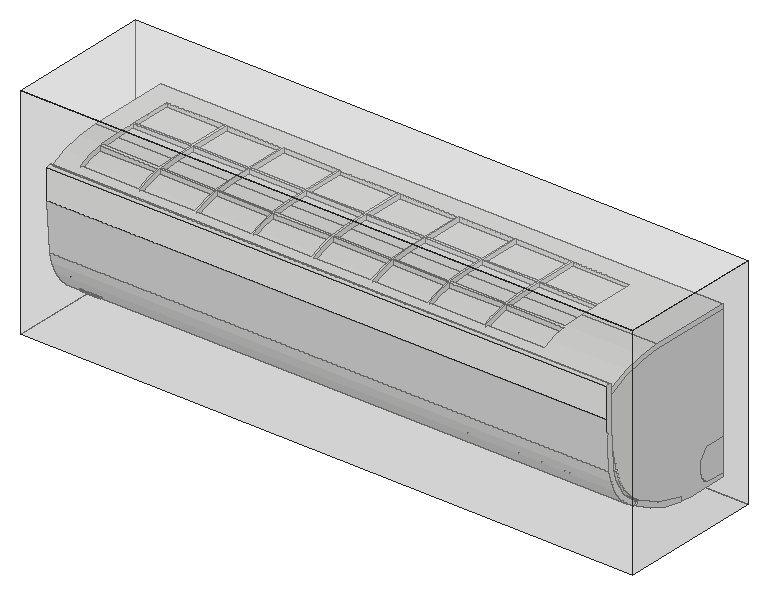
Revit family "outputfile", category 機械設備, Revit 2024
Family settings
  丸型コネクタ寸法 = 半径を使用
  パーツ タイプ = 標準
  OmniClass 番号 = 23.75.10.24.21.27.27
  OmniClass タイトル = Split System Air Conditioning Units
  作業面ベース = いいえ
  常に垂直 = はい
  ロード時にボイドで切り取り = いいえ
  注釈の向きを維持 = いいえ
  共有 = いいえ
  部屋計算ポイント = いいえ
Parameters (values of type "FXAQ63AVM")
  Description = ""
  製造元 = "Daikin"
  書き出し IFC クラス(タイプ) = "IfcUnitaryEquipmentType"
  定義済み IFC タイプ(タイプ) = "AIRCONDITIONINGUNIT"
  Cost = 0
  モデル = "FXAQ63AVM"
  Type Comments = ""
  Keynote = ""
  Type Image = (empty or 0)
  Assembly Code = ""
  w3_Indoor air flow = if(Width = 1050.0 mm, 109.0 mm, 1.0 mm)  # 109.0 mm
  w2_Indoor air flow = if(Width = 1050.0 mm, 103.0 mm, 98.0 mm)  # 103.0 mm
  w1_Indoor air flow = if(Width = 1050.0 mm, 108.0 mm, 103.0 mm)  # 108.0 mm
  r_Liquid Pipe Size = Liquid Pipe Size / 2  # 4.75 mm
  r_Gas Pipe Size = Gas Pipe Size / 2  # 7.95 mm
  r_Drain Pipe Size = Drain Pipe Size / 2  # 7.5 mm
  lw_powersupply [instance] = if(Width = 795.0 mm, if(or(Rear Right Connection_refrigerant, Bottom Right Connection_refrigerant), 83.0 mm, if(or(Rear Left Connection_refrigerant, Bottom Left Connection_refrigerant), 740.0 mm, 400.0 mm)), if(Width = 1050.0 mm, if(or(Rear Right Connection_refrigerant, Bottom Right Connection_refrigerant), 83.0 mm, if(or(Rear Left Connection_refrigerant, Bottom Left Connection_refrigerant), 712.0 mm + (1050.0 mm - 795.0 mm), 400.0 mm)), if(or(Rear Right Connection_refrigerant, Bottom Right Connection_refrigerant), 83.0 mm, if(or(Rear Left Connection_refrigerant, Bottom Left Connection_refrigerant), 712.0 mm, 400.0 mm))))  # 400.0 mm
  lw_liquidpipe [instance] = if(Width = 795.0 mm, if(or(Rear Right Connection_refrigerant, Bottom Right Connection_refrigerant), 0.0 mm, if(or(Rear Left Connection_refrigerant, Bottom Left Connection_refrigerant), 627.0 mm, 460.0 mm)), if(Width = 1050.0 mm, if(or(Rear Right Connection_refrigerant, Bottom Right Connection_refrigerant), 0.0 mm, if(or(Rear Left Connection_refrigerant, Bottom Left Connection_refrigerant), 627.0 mm + (1050.0 mm - 795.0 mm), 460.0 mm)), if(or(Rear Right Connection_refrigerant, Bottom Right Connection_refrigerant), 0.0 mm, if(or(Rear Left Connection_refrigerant, Bottom Left Connection_refrigerant), 627.0 mm, 460.0 mm))))  # 460.0 mm
  lw_gaspipe [instance] = if(Width = 795.0 mm, if(or(Rear Right Connection_refrigerant, Bottom Right Connection_refrigerant), 0.0 mm, if(or(Rear Left Connection_refrigerant, Bottom Left Connection_refrigerant), 620.0 mm, 415.0 mm)), if(Width = 1050.0 mm, if(or(Rear Right Connection_refrigerant, Bottom Right Connection_refrigerant), 0.0 mm, if(or(Rear Left Connection_refrigerant, Bottom Left Connection_refrigerant), 620.0 mm + (1050.0 mm - 795.0 mm), 415.0 mm)), if(or(Rear Right Connection_refrigerant, Bottom Right Connection_refrigerant), 0.0 mm, if(or(Rear Left Connection_refrigerant, Bottom Left Connection_refrigerant), 620.0 mm, 415.0 mm))))  # 415.0 mm
  lw_drainpipe [instance] = if(Width = 795.0 mm, if(or(Rear Right Connection_refrigerant, Bottom Right Connection_refrigerant), 0.0 mm, if(or(Rear Left Connection_refrigerant, Bottom Left Connection_refrigerant), 655.0 mm, 475.0 mm)), if(Width = 1050.0 mm, if(or(Rear Right Connection_refrigerant, Bottom Right Connection_refrigerant), 0.0 mm, if(or(Rear Left Connection_refrigerant, Bottom Left Connection_refrigerant), 655.0 mm + (1050.0 mm - 795.0 mm), 475.0 mm)), if(or(Rear Right Connection_refrigerant, Bottom Right Connection_refrigerant), 0.0 mm, if(or(Rear Left Connection_refrigerant, Bottom Left Connection_refrigerant), 655.0 mm, 475.0 mm))))  # 475.0 mm
  l_powersupply_length [instance] = if(Width = 795.0 mm, if(Right Connection_refrigerant, 400.0 mm, if(Left Connection_refrigerant, 395.0 mm, if(or(Rear Left Connection_refrigerant, Rear Right Connection_refrigerant), 15.0 mm, 50.0 mm))), if(Width = 1050.0 mm, if(Right Connection_refrigerant, 400.0 mm, if(Left Connection_refrigerant, 395.0 mm + (1050.0 mm - 795.0 mm), if(or(Rear Left Connection_refrigerant, Rear Right Connection_refrigerant), 15.0 mm, 50.0 mm))), if(Right Connection_refrigerant, 400.0 mm, if(Left Connection_refrigerant, 395.0 mm, if(or(Rear Left Connection_refrigerant, Rear Right Connection_refrigerant), 15.0 mm, 50.0 mm)))))  # 400.0 mm
  l_liquidpipe_length [instance] = if(Width = 795.0 mm, if(Right Connection_refrigerant, 558.0 mm, if(Left Connection_refrigerant, 237.0 mm, if(or(Rear Left Connection_refrigerant, Rear Right Connection_refrigerant), 30.0 mm, 40.0 mm))), if(Width = 1050.0 mm, if(Right Connection_refrigerant, 558.0 mm, if(Left Connection_refrigerant, 237.0 mm + (1050.0 mm - 795.0 mm), if(or(Rear Left Connection_refrigerant, Rear Right Connection_refrigerant), 30.0 mm, 40.0 mm))), if(Right Connection_refrigerant, 558.0 mm, if(Left Connection_refrigerant, 237.0 mm, if(or(Rear Left Connection_refrigerant, Rear Right Connection_refrigerant), 30.0 mm, 40.0 mm)))))  # 558.0 mm
  l_gaspipe_length [instance] = if(Width = 795.0 mm, if(Right Connection_refrigerant, 513.0 mm, if(Left Connection_refrigerant, 282.0 mm, if(or(Rear Left Connection_refrigerant, Rear Right Connection_refrigerant), 40.0 mm, 50.0 mm))), if(Width = 1050.0 mm, if(Right Connection_refrigerant, 513.0 mm, if(Left Connection_refrigerant, 282.0 mm + (1050.0 mm - 795.0 mm), if(or(Rear Left Connection_refrigerant, Rear Right Connection_refrigerant), 40.0 mm, 50.0 mm))), if(Right Connection_refrigerant, 513.0 mm, if(Left Connection_refrigerant, 282.0 mm, if(or(Rear Left Connection_refrigerant, Rear Right Connection_refrigerant), 40.0 mm, 50.0 mm)))))  # 513.0 mm
  l_drainpipe_length [instance] = if(Width = 795.0 mm, if(Right Connection_refrigerant, 573.0 mm, if(Left Connection_refrigerant, 222.0 mm, if(or(Rear Left Connection_refrigerant, Rear Right Connection_refrigerant), 15.0 mm, 20.0 mm))), if(Width = 1050.0 mm, if(Right Connection_refrigerant, 573.0 mm, if(Left Connection_refrigerant, 222.0 mm + (1050.0 mm - 795.0 mm), if(or(Rear Left Connection_refrigerant, Rear Right Connection_refrigerant), 15.0 mm, 20.0 mm))), if(Right Connection_refrigerant, 573.0 mm, if(Left Connection_refrigerant, 477.0 mm, if(or(Rear Left Connection_refrigerant, Rear Right Connection_refrigerant), 15.0 mm, 20.0 mm)))))  # 573.0 mm
  h*** = 0.0 mm  # constant formula
  d1_Indoor air flow = if(Width = 1050.0 mm, 38.0 mm, 35.0 mm)  # 38.0 mm
  angle_vertical [instance] = if(or(Bottom Left Connection_refrigerant, Bottom Right Connection_refrigerant), 0.00°, 90.00°)  # 90.00°
  angle_horizontal [instance] = if(Right Connection_refrigerant, 90.00°, if(Left Connection_refrigerant, -90.00°, if(or(Rear Left Connection_refrigerant, Rear Right Connection_refrigerant), 180.00°, 0.00°)))  # 90.00°
  Width = 1050.0 mm
  Voltage_comment_60Hz = "220-230"
  Voltage_comment_50Hz = "220-240"
  Voltage_60Hz = 220 V
  Voltage_50Hz = 230 V
  Version = "ver.1.0"
  Unit Type = "Wall Mounted Type"
  Unit Mass Weight = 15.00 kg
  Unit Designation [instance] = ""
  Uniclass2015Version = "Products v1.30"
  Uniclass2015Title = "Variable refrigerant flow units"
  Uniclass2015Code = "Pr_70_65_03_94"
  URL = ""
  Total Heating Capacity [instance] = 0.000 kW
  Total Cooling Capacity [instance] = 0.000 kW
  Sound Pressure Level_M speed (dBA) = 0
  Sound Pressure Level_L speed (dBA) = 38.5
  Sound Pressure Level_H speed (dBA) = 46.5
  Sound Power Level_H speed (dB) = 0
  Series = "VRV Fan Coil Unit"
  Sensible Cooling Capacity [instance] = 0.000 kW
  Refrigerant Type = "R410A"
  Power Input (Heating) = 0.110 kW
  Power Input (Cooling) = 0.100 kW
  Phase_60Hz = 1
  Phase_50Hz = 1
  Option Accessory 3 [instance] = ""
  Option Accessory 2 [instance] = ""
  Option Accessory 1 [instance] = ""
  Nominal Heating Capacity = 8.000 kW
  Nominal Cooling Capacity = 7.100 kW
  Minimum Circuit Amps_60Hz = 0.6 A
  Minimum Circuit Amps_50Hz = 0.6 A
  Minimum Airflow = 840.00 m³/h
  Median Airflow = 0.00 m³/h
  Maximum Fuse Amps_60Hz = 15.0 A
  Maximum Fuse Amps_50Hz = 15.0 A
  Maximum Airflow = 1140.00 m³/h
  Material_Casing = DAIKIN_White_Casing_indoorunit
  Load Classification = HVAC
  Liquid Pipe Size = 9.5 mm
  Link_Nested Family [instance] = ""
  IfcVersion = "0"
  IfcExportType = "AIRCONDITIONINGUNIT"
  IfcExportAs = "IfcUnitaryEquipmentType"
  Height = 290.0 mm
  Heating Entering Wet Bulb Temperature [instance] = 0.00 °C
  Heating Entering Dry Bulb Temperature [instance] = 0.00 °C
  Heating Ambient Wet Bulb Temperature [instance] = 0.00 °C
  Heating Ambient Dry Bulb Temperature [instance] = 0.00 °C
  Heat Exchanger Type = "Cross Fin Coil"
  Gas Pipe Size = 15.9 mm
  Frequency_60Hz = 60 Hz
  Frequency_50Hz = 50 Hz
  Fan Type = "Cross Flow Fan"
  Fan Drive = "Direct Drive"
  FCU Tag No. [instance] = ""
  Drain Pipe Size = 15.0 mm
  Design Supply Airflow [instance] = 0.00 m³/h
  Depth = 269.0 mm
  既定の高さ = 0.0 mm
  Cooling Entering Wet Bulb Temperature [instance] = 0.00 °C
  Cooling Entering Dry Bulb Temperature [instance] = 0.00 °C
  Cooling Ambient Wet Bulb Temperature [instance] = 0.00 °C
  Cooling Ambient Dry Bulb Temperature [instance] = 0.00 °C
  Clearance visibility [instance] = yes
  Clearance Top = 90.0 mm
  Clearance Right = 50.0 mm
  Clearance Rear = 0.0 mm
  Clearance Left = 50.0 mm
  Clearance Front = 0.0 mm
  Clearance Bottom = 30.0 mm
  Bottom Right Connection_refrigerant [instance] = no
  Bottom Left Connection_refrigerant [instance] = no
  Rear Right Connection_refrigerant [instance] = no
  Rear Left Connection_refrigerant [instance] = no
  Right Connection_refrigerant [instance] = yes
  Left Connection_refrigerant [instance] = no
Reference planes
  plane 1 "Back": y = 0
  plane 2: z = 0
  plane 3 "Center (Left/Right)": x = 0
  plane 4 "Center (Front/Back)": y = -134.5
  plane 5 "Front": y = -269
  plane 6 "Left": x = -525
  plane 7 "Right": x = 525
  plane 8 "Top": z = 0
  plane 9 "Bottom": z = -290
  plane 10 "Front panel_Left": x = -523
  plane 11 "Front panel_Right": x = 523
  plane 12: x = 389
  plane 13: x = 384
  plane 14: x = -573
  plane 15: x = 573
  plane 16: y = 0
  plane 17: y = -269
  plane 18: z = 90
  plane 19: z = -320
  plane 20: y = -38
  plane 21: y = -114.5
  plane 22: y = -190.5
  plane 23: y = -240
  plane 24: y = -118
  plane 25: y = -194
  plane 26: x = -50
  plane 27: x = -52
  plane 28: x = -48
  plane 29: x = 60
  plane 30: x = -160
  plane 31: x = -163
  plane 32: x = 63
  plane 33: x = -266
  plane 34: x = 166
  plane 35: x = -269
  plane 36: x = 169
  plane 37: x = -372
  plane 38: x = 272
  plane 39: x = -375
  plane 40: x = 275
  plane 41: x = 384
  plane 42: x = -484
  plane 43 "lw_Piping and Wiring intake": x = 427
  plane 44 "lw_gaspipe": x = 12
  plane 45 "lw_liquidpipe": x = -33
  plane 46 "lw_drainpipe": x = -48
  plane 47 "lh_drainpipe": z = -270
  plane 48 "lh_liquidpipe": z = -250
  plane 49 "lh_gaspipe": z = -240
  plane 50 "ld_drainpipe": y = -15
  plane 51 "ld_liquidpipe": y = -30
  plane 52 "ld_gaspipe": y = -40
  plane 53 "lw_powersupply": x = 125
Forms (mm)
  Extrusion 1, solid, material "DAIKIN_White_Casing_indoorunit" <- "Material_Casing"
    sketch origin (0, 0, 0) x (0, 1, 0) y (0, 0, 1)
      loop
        line (0, 0) -> (-153.182, 0)
        arc (-153.182, 0) -> (-207.578, -6.929) -> (-258.5, -27.273) r 216.99
        line (-258.5, -27.273) -> (-258.5, -36.477)
        arc (-258.5, -36.477) -> (-207.732, -15.245) -> (-153.182, -8) r 208.99
        line (-153.182, -8) -> (0, -8) -> (0, 0)
    from -525 to 525
  Extrusion 2, solid, material "DAIKIN_White_Casing_indoorunit" <- "Material_Casing"
    sketch origin (0, 0, 0) x (0, 1, 0) y (0, 0, 1)
      loop
        arc (-153.182, -8) -> (-207.732, -15.245) -> (-258.5, -36.477) r 208.99
        line (-258.5, -36.477) -> (-258.5, -86.08)
        arc (-258.5, -86.08) -> (-255.889, -129.793) -> (-248.094, -172.885) r 367.242
        arc (-248.094, -172.885) -> (-229.647, -212.392) -> (-197.378, -241.715) r 110.72
        arc (-197.378, -241.715) -> (-148.03, -265.605) -> (-95.247, -280.433) r 310.126
        line (-95.247, -280.433) -> (-95.247, -288.232)
        arc (-95.247, -288.232) -> (-84.534, -289.557) -> (-73.748, -290) r 131.592
        line (-73.748, -290) -> (0, -290) -> (0, -8) -> (-153.182, -8)
    from -525 to 525
  Extrusion 3, solid, material "DAIKIN_White_Casing_indoorunit" <- "Material_Casing"
    sketch origin (525, 1296.25, 1200) x (0, 1, 0) y (0, 0, 1)
      loop
        line (-1491.901, -1442.741) -> (-1496.494, -1450.482)
        arc (-1496.494, -1450.482) -> (-1447.058, -1474.911) -> (-1393.497, -1488.023) r 252.452
        line (-1393.497, -1488.023) -> (-1393.497, -1480.051)
        arc (-1393.497, -1480.051) -> (-1444.293, -1465.6) -> (-1491.901, -1442.741) r 310.126
    from 0 to -40.5
  Extrusion 4, solid, material "DAIKIN_White_Casing_indoorunit" <- "Material_Casing"
    sketch origin (0, 0, 0) x (0, 1, 0) y (0, 0, 1)
      loop
        line (-260, -76.896) -> (-260, -19.457) -> (-261.688, -19.457)
        arc (-261.688, -19.457) -> (-265.551, -20.17) -> (-269, -22.048) r 12.48
        line (-269, -22.048) -> (-269, -76.896) -> (-260, -76.896)
    from -523 to 523
  Extrusion 5, solid, material "DAIKIN_White_Casing_indoorunit" <- "Material_Casing"
    sketch origin (0, 0, 0) x (0, 1, 0) y (0, 0, 1)
      loop
        arc (-269, -76.896) -> (-267.342, -121.828) -> (-262.378, -166.517) r 609.735
        line (-262.378, -166.517) -> (-253.471, -165.192)
        arc (-253.471, -165.192) -> (-258.366, -121.165) -> (-260, -76.896) r 600.314
        line (-260, -76.896) -> (-269, -76.896)
    from -523 to 523
  Extrusion 6, solid, material "DAIKIN_White_Casing_indoorunit" <- "Material_Casing"
    sketch origin (0, 0, 0) x (0, 1, 0) y (0, 0, 1)
      loop
        arc (-262.378, -166.517) -> (-243.331, -214.672) -> (-204.947, -249.433) r 114
        line (-204.947, -249.433) -> (-200.324, -241.643)
        arc (-200.324, -241.643) -> (-235.845, -209.638) -> (-253.471, -165.192) r 104.894
        line (-253.471, -165.192) -> (-262.378, -166.517)
    from -523 to 523
  Extrusion 7, solid, material "DAIKIN_White_Casing_indoorunit" <- "Material_Casing"
    sketch origin (-525, 1296.25, 1200) x (0, 1, 0) y (0, 0, 1)
      loop
        arc (-1496.494, -1450.482) -> (-1447.058, -1474.911) -> (-1393.497, -1488.023) r 252.452
        line (-1393.497, -1488.023) -> (-1393.497, -1480.051)
        arc (-1393.497, -1480.051) -> (-1444.293, -1465.6) -> (-1491.901, -1442.741) r 310.126
        line (-1491.901, -1442.741) -> (-1496.494, -1450.482)
    from 0 to 40.5
  Extrusion 8, solid, material "DAIKIN_White_Casing_indoorunit" <- "Material_Casing"
    sketch origin (0, 0, 0) x (0, 1, 0) y (0, 0, 1)
      loop
        arc (-134.549, -280.22) -> (-116.045, -284.826) -> (-97.247, -288.023) r 252.452
        line (-97.247, -288.023) -> (-97.247, -280.051)
        arc (-97.247, -280.051) -> (-114.669, -276.142) -> (-131.838, -271.237) r 310.126
        line (-131.838, -271.237) -> (-134.549, -280.22)
    from -484.5 to 484.5
  Extrusion 9, solid, material "DAIKIN_White_Casing_indoorunit" <- "Material_Casing"
    sketch origin (389, -1524, 1789.769) x (0, 0, 1) y (0, -1, 0)
      loop
        line (-2032.51, -1328.35) -> (-2040.251, -1323.756)
        arc (-2040.251, -1323.756) -> (-2050.358, -1341.058) -> (-2059.061, -1359.107) r 252.452
        line (-2059.061, -1359.107) -> (-2050.603, -1364.126)
        arc (-2050.603, -1364.126) -> (-2042.135, -1345.945) -> (-2032.51, -1328.35) r 310.126
    from 0 to 95.5
  Extrusion 10, solid, material "DAIKIN_White_Casing_indoorunit" <- "Material_Casing"
    sketch origin (389, -1524, 1789.769) x (0, 0, 1) y (0, -1, 0)
      loop
        arc (-2059.061, -1359.107) -> (-2065.01, -1374.104) -> (-2069.989, -1389.451) r 252.452
        line (-2069.989, -1389.451) -> (-2061.006, -1392.162)
        arc (-2061.006, -1392.162) -> (-2056.142, -1378.019) -> (-2050.603, -1364.126) r 310.126
        line (-2050.603, -1364.126) -> (-2059.061, -1359.107)
    from 0 to 95.5
  Extrusion 11, solid, material "DAIKIN_White_Casing_indoorunit" <- "Material_Casing"
    sketch origin (384, -1524, 1089.438) x (0, 0, 1) y (0, -1, 0)
      loop
        arc (-1350.272, -1364.126) -> (-1341.805, -1345.945) -> (-1332.179, -1328.35) r 310.126
        line (-1332.179, -1328.35) -> (-1339.92, -1323.756)
        arc (-1339.92, -1323.756) -> (-1350.027, -1341.058) -> (-1358.73, -1359.107) r 252.452
        line (-1358.73, -1359.107) -> (-1350.272, -1364.126)
    from 0 to -868.5
  Extrusion 12, solid, material "DAIKIN_White_Casing_indoorunit" <- "Material_Casing"
    sketch origin (384, -1524, 1089.438) x (0, 0, 1) y (0, -1, 0)
      loop
        arc (-1360.675, -1392.162) -> (-1355.812, -1378.019) -> (-1350.272, -1364.126) r 310.126
        line (-1350.272, -1364.126) -> (-1358.73, -1359.107)
        arc (-1358.73, -1359.107) -> (-1364.679, -1374.104) -> (-1369.658, -1389.451) r 252.452
        line (-1369.658, -1389.451) -> (-1360.675, -1392.162)
    from 0 to -868.5
  Extrusion 13, void
    sketch origin (0, 0, 0) x (-1, 0, 0) y (0, -1, 0)
      loop
        line (48, 38) -> (48, 114.5) -> (-60, 114.5) -> (-60, 38) -> (48, 38)
      loop
        line (-63, 38) -> (-63, 114.5) -> (-166, 114.5) -> (-166, 38) -> (-63, 38)
      loop
        line (-169, 38) -> (-169, 114.5) -> (-272, 114.5) -> (-272, 38) -> (-169, 38)
      loop
        line (-275, 38) -> (-275, 114.5) -> (-384, 114.5) -> (-384, 38) -> (-275, 38)
      loop
        line (160, 38) -> (160, 114.5) -> (52, 114.5) -> (52, 38) -> (160, 38)
      loop
        line (-275, 118) -> (-275, 190.5) -> (-384, 190.5) -> (-384, 118) -> (-275, 118)
      loop
        line (-275, 194) -> (-275, 240) -> (-384, 240) -> (-384, 194) -> (-275, 194)
      loop
        line (-169, 240) -> (-272, 240) -> (-272, 194) -> (-169, 194) -> (-169, 240)
      loop
        line (-63, 240) -> (-166, 240) -> (-166, 194) -> (-63, 194) -> (-63, 240)
      loop
        line (-60, 194) -> (48, 194) -> (48, 240) -> (-60, 240) -> (-60, 194)
      loop
        line (160, 240) -> (52, 240) -> (52, 194) -> (160, 194) -> (160, 240)
      loop
        line (266, 240) -> (163, 240) -> (163, 194) -> (266, 194) -> (266, 240)
      loop
        line (372, 240) -> (269, 240) -> (269, 194) -> (372, 194) -> (372, 240)
      loop
        line (163, 38) -> (266, 38) -> (266, 114.5) -> (163, 114.5) -> (163, 38)
      loop
        line (269, 38) -> (372, 38) -> (372, 114.5) -> (269, 114.5) -> (269, 38)
      loop
        line (372, 118) -> (372, 190.5) -> (269, 190.5) -> (269, 118) -> (372, 118)
      loop
        line (266, 118) -> (266, 190.5) -> (163, 190.5) -> (163, 118) -> (266, 118)
      loop
        line (160, 118) -> (160, 190.5) -> (52, 190.5) -> (52, 118) -> (160, 118)
      loop
        line (48, 118) -> (48, 190.5) -> (-60, 190.5) -> (-60, 118) -> (48, 118)
      loop
        line (-63, 118) -> (-63, 190.5) -> (-166, 190.5) -> (-166, 118) -> (-63, 118)
      loop
        line (-169, 118) -> (-169, 190.5) -> (-272, 190.5) -> (-272, 118) -> (-169, 118)
      loop
        line (375, 38) -> (484, 38) -> (484, 114.5) -> (375, 114.5) -> (375, 38)
      loop
        line (484, 118) -> (484, 190.5) -> (375, 190.5) -> (375, 118) -> (484, 118)
      loop
        line (484, 240) -> (375, 240) -> (375, 194) -> (484, 194) -> (484, 240)
    from 2 to -30
  Extrusion 14, solid, material "DAIKIN_White_Casing_indoorunit" <- "Material_Casing"
    sketch origin (0, 0, 0) x (1, 0, 0) y (0, 0, 1)
      loop
        circle (427, -246) r 40
      loop
        circle (-465, -246) r 40
    from 0 to 5
  Extrusion 15, solid, material "DAIKIN_White_Casing_indoorunit" <- "Material_Casing"
    sketch origin (525, 1296.25, 1200) x (0, -1, 0) y (0, 0, 1)
      loop
        line (1326.25, -1422) -> (1296.25, -1422) -> (1296.25, -1482) -> (1326.25, -1482)
        arc (1326.25, -1482) -> (1340.393, -1476.142) -> (1346.25, -1462) r 20
        line (1346.25, -1462) -> (1346.25, -1442)
        arc (1346.25, -1442) -> (1340.393, -1427.858) -> (1326.25, -1422) r 20
    from 0 to 5
  Extrusion 16, solid, material "DAIKIN_White_Casing_indoorunit" <- "Material_Casing"
    sketch origin (-525, 1296.25, 1200) x (0, 1, 0) y (0, 0, 1)
      loop
        line (-1296.25, -1422) -> (-1326.25, -1422)
        arc (-1326.25, -1422) -> (-1340.393, -1427.858) -> (-1346.25, -1442) r 20
        line (-1346.25, -1442) -> (-1346.25, -1462)
        arc (-1346.25, -1462) -> (-1340.393, -1476.142) -> (-1326.25, -1482) r 20
        line (-1326.25, -1482) -> (-1296.25, -1482) -> (-1296.25, -1422)
    from 0 to 5
  Extrusion 17, solid, material "DAIKIN_White_Casing_indoorunit" <- "Material_Casing"
    sketch origin (0, 0, -290) x (-1, 0, 0) y (0, -1, 0)
      loop
        line (-397, 0) -> (-397, 30)
        arc (-397, 30) -> (-402.858, 44.142) -> (-417, 50) r 20
        line (-417, 50) -> (-437, 50)
        arc (-437, 50) -> (-451.142, 44.142) -> (-457, 30) r 20
        line (-457, 30) -> (-457, 0) -> (-397, 0)
      loop
        line (495, 0) -> (495, 30)
        arc (495, 30) -> (489.142, 44.142) -> (475, 50) r 20
        line (475, 50) -> (455, 50)
        arc (455, 50) -> (440.858, 44.142) -> (435, 30) r 20
        line (435, 30) -> (435, 0) -> (495, 0)
    from 0 to 5
Cuts and joins
  joined: Extrusion 4, Extrusion 5, Extrusion 6
  joined: Extrusion 3, Extrusion 7, Extrusion 8
  Extrusion 13 cuts Extrusion 1
Lines and regions (mm)
  reference lines
    curve 1: line (-523, -230.394, -229.966) -> (-523, -223.117, -236.824)
Dimensions and locks
  equal spacing: plane 6 "Left", plane 3 "Center (Left/Right)", plane 7 "Right"
  "Width": plane 6 "Left" to plane 7 "Right"
  equal spacing: plane 5 "Front", plane 4 "Center (Front/Back)", plane 1 "Back"
  "Depth": plane 5 "Front" to plane 1 "Back"
  "Height": plane 8 "Top" to plane 9 "Bottom"
  locked: Extrusion 1 sketch curve to Extrusion 1 sketch curve at 8
  locked: Extrusion 2 sketch curve to plane 1 "Back" at 73.748
  locked: Extrusion 3 sketch curve to plane 1 "Back" at 97.247
  locked: Extrusion 4 sketch curve to Extrusion 4 sketch curve at 9
  locked: plane 8 "Top" to Extrusion 4 sketch curve at 19.457
  locked: plane 5 "Front" to Extrusion 6 sketch curve at 6.622
  locked: plane 5 "Front" to Extrusion 6 sketch curve at 15.529
  locked: plane 10 "Front panel_Left" to plane 6 "Left" at 2
  locked: plane 7 "Right" to plane 11 "Front panel_Right" at 2
  locked: cut or joined group of Extrusion 3, Extrusion 7, Extrusion 8 to Extrusion 9 sketch curve at 40
  locked: plane 7 "Right" to plane 12 at 136
  locked: plane 12 to plane 13 at 5
  "Clearance Left": plane 14 to plane 10 "Front panel_Left"
  "Clearance Right": plane 11 "Front panel_Right" to plane 15
  "Clearance Rear": plane 16 to plane 1 "Back"
  "Clearance Front": plane 17 to plane 5 "Front"
  "Clearance Top": plane 18 to plane 8 "Top"
  "Clearance Bottom": plane 9 "Bottom" to plane 19
  locked: nested 2 to plane 10 "Front panel_Left" at 50
  "d1_Indoor air flow": plane 20 to plane 1 "Back"
  locked: plane 20 to plane 21 at 76.5
  locked: plane 21 to plane 24 at 3.5
  locked: plane 24 to plane 22 at 72.5
  locked: plane 22 to plane 25 at 3.5
  locked: plane 25 to plane 23 at 46
  locked: plane 26 to plane 3 "Center (Left/Right)" at 50
  equal spacing: plane 27, plane 26, plane 28
  locked: plane 27 to plane 28 at 4
  "w1_Indoor air flow": plane 28 to plane 29
  "w1_Indoor air flow": plane 30 to plane 27
  locked: plane 31 to plane 30 at 3
  locked: plane 29 to plane 32 at 3
  "w2_Indoor air flow": plane 33 to plane 31
  "w2_Indoor air flow": plane 32 to plane 34
  locked: plane 35 to plane 33 at 3
  locked: plane 34 to plane 36 at 3
  locked: plane 37 to plane 35 at 103
  locked: plane 36 to plane 38 at 103
  locked: plane 39 to plane 37 at 3
  locked: plane 38 to plane 40 at 3
  "w3_Indoor air flow": plane 40 to plane 41
  "w3_Indoor air flow": plane 42 to plane 39
  locked: plane 9 "Bottom" to Extrusion 14 sketch curve at 44  (x2)
  locked: Extrusion 14 sketch curve to plane 6 "Left" at 60
  locked: plane 7 "Right" to Extrusion 14 sketch curve at 98
  locked: plane 43 "lw_Piping and Wiring intake" to plane 7 "Right" at 98
  "lw_gaspipe": plane 44 "lw_gaspipe" to plane 43 "lw_Piping and Wiring intake"
  "lw_liquidpipe": plane 45 "lw_liquidpipe" to plane 43 "lw_Piping and Wiring intake"
  "lw_drainpipe": plane 46 "lw_drainpipe" to plane 43 "lw_Piping and Wiring intake"
  locked: plane 47 "lh_drainpipe" to plane 9 "Bottom" at 20
  locked: plane 48 "lh_liquidpipe" to plane 9 "Bottom" at 40
  locked: plane 49 "lh_gaspipe" to plane 9 "Bottom" at 50
  locked: plane 50 "ld_drainpipe" to plane 1 "Back" at 15
  locked: plane 1 "Back" to plane 51 "ld_liquidpipe" at 30
  locked: plane 1 "Back" to plane 52 "ld_gaspipe" at 40
  Extrusion 15 sketch curve to Extrusion 15 sketch curve to plane 9 "Bottom" = 60.0 mm locked, 8.0 mm locked
  locked: Extrusion 15 sketch curve to Extrusion 15 sketch curve at 50
  locked: Extrusion 17 sketch curve to Extrusion 17 sketch curve at 60  (x2)
  locked: Extrusion 17 sketch curve to Extrusion 17 sketch curve at 50
  locked: Extrusion 17 sketch curve to plane 43 "lw_Piping and Wiring intake" at 30
  locked: plane 6 "Left" to Extrusion 17 sketch curve at 30
  "lw_powersupply": plane 53 "lw_powersupply" to plane 7 "Right"
  radius of Extrusion 5 sketch curve = 609.735 mm
  radius of Extrusion 5 sketch curve = 600.314 mm
  aligned and locked: level to plane 2
  aligned and locked: plane 8 "Top" to Extrusion 1 sketch curve
  aligned and locked: plane 1 "Back" to Extrusion 1 sketch curve
  aligned and locked: Extrusion 1 to plane 6 "Left"
  aligned and locked: plane 7 "Right" to Extrusion 1
  aligned and locked: Extrusion 2 sketch curve to Extrusion 1
  aligned and locked: Extrusion 1 to Extrusion 2 sketch curve
  aligned and locked: plane 1 "Back" to Extrusion 2 sketch curve
  aligned and locked: Extrusion 2 sketch curve to plane 9 "Bottom"
  aligned and locked: Extrusion 2 to plane 6 "Left"
  aligned and locked: plane 7 "Right" to Extrusion 2
  aligned and locked: Extrusion 3 sketch curve to Extrusion 2
  aligned and locked: plane 5 "Front" to Extrusion 4 sketch curve
  aligned and locked: Extrusion 5 sketch curve to Extrusion 4
  aligned and locked: Extrusion 6 sketch curve to Extrusion 5
  aligned and locked: cut or joined group of Extrusion 4, Extrusion 5, Extrusion 6 to plane 11 "Front panel_Right"  (x3)
  aligned and locked: plane 10 "Front panel_Left" to cut or joined group of Extrusion 4, Extrusion 5, Extrusion 6  (x3)
  aligned and locked: Extrusion 7 sketch curve to Extrusion 3  (x4)
  aligned and locked: Extrusion 8 sketch curve to Extrusion 3  (x3)
  aligned and locked: Extrusion 8 to Extrusion 3
  aligned and locked: Extrusion 8 to Extrusion 7
  aligned and locked: Extrusion 9 sketch curve to cut or joined group of Extrusion 3, Extrusion 7, Extrusion 8  (x3)
  aligned and locked: Extrusion 10 sketch curve to cut or joined group of Extrusion 3, Extrusion 7, Extrusion 8  (x3)
  aligned and locked: Extrusion 10 sketch curve to Extrusion 9
  aligned and locked: Extrusion 9 to cut or joined group of Extrusion 3, Extrusion 7, Extrusion 8
  aligned and locked: Extrusion 10 to cut or joined group of Extrusion 3, Extrusion 7, Extrusion 8
  aligned and locked: Extrusion 11 sketch curve to Extrusion 9  (x4)
  aligned and locked: Extrusion 11 to cut or joined group of Extrusion 3, Extrusion 7, Extrusion 8
  aligned and locked: Extrusion 12 sketch curve to Extrusion 10  (x4)
  aligned and locked: Extrusion 12 to cut or joined group of Extrusion 3, Extrusion 7, Extrusion 8
  aligned and locked: plane 16 to nested 1
  aligned and locked: nested 1 to plane 17
  aligned and locked: plane 14 to nested 1
  aligned and locked: plane 15 to nested 1
  aligned and locked: plane 19 to nested 1
  aligned and locked: plane 18 to nested 1
  aligned and locked: nested 2 to curve 1
  aligned and locked: Extrusion 13 sketch curve to plane 20  (x5)
  aligned and locked: plane 28 to Extrusion 13 sketch curve  (x2)
  aligned and locked: plane 21 to Extrusion 13 sketch curve  (x5)
  aligned and locked: Extrusion 13 sketch curve to plane 29  (x2)
  aligned and locked: plane 32 to Extrusion 13 sketch curve  (x2)
  aligned and locked: Extrusion 13 sketch curve to plane 34  (x2)
  aligned and locked: plane 36 to Extrusion 13 sketch curve  (x2)
  aligned and locked: Extrusion 13 sketch curve to plane 38  (x2)
  aligned and locked: plane 40 to Extrusion 13 sketch curve  (x3)
  aligned and locked: Extrusion 13 sketch curve to plane 41  (x3)
  aligned and locked: plane 30 to Extrusion 13 sketch curve  (x2)
  aligned and locked: Extrusion 13 sketch curve to plane 27  (x2)
  aligned and locked: Extrusion 13 sketch curve to plane 24  (x8)
  aligned and locked: plane 22 to Extrusion 13 sketch curve  (x8)
  aligned and locked: Extrusion 13 sketch curve to plane 25
  aligned and locked: plane 23 to Extrusion 13 sketch curve
  aligned and locked: Extrusion 13 sketch curve to plane 23  (x7)
  aligned and locked: Extrusion 13 sketch curve to plane 36
  aligned and locked: plane 25 to Extrusion 13 sketch curve  (x7)
  aligned and locked: plane 38 to Extrusion 13 sketch curve
  aligned and locked: Extrusion 13 sketch curve to plane 32
  aligned and locked: plane 34 to Extrusion 13 sketch curve
  aligned and locked: plane 29 to Extrusion 13 sketch curve
  aligned and locked: Extrusion 13 sketch curve to plane 28
  aligned and locked: Extrusion 13 sketch curve to plane 30
  aligned and locked: plane 27 to Extrusion 13 sketch curve
  aligned and locked: Extrusion 13 sketch curve to plane 33  (x2)
  aligned and locked: plane 31 to Extrusion 13 sketch curve  (x2)
  aligned and locked: Extrusion 13 sketch curve to plane 37  (x2)
  aligned and locked: plane 35 to Extrusion 13 sketch curve  (x2)
  aligned and locked: plane 20 to Extrusion 13 sketch curve  (x3)
  aligned and locked: Extrusion 13 sketch curve to plane 21  (x3)
  aligned and locked: plane 37 to Extrusion 13 sketch curve
  aligned and locked: Extrusion 13 sketch curve to plane 35
  aligned and locked: plane 33 to Extrusion 13 sketch curve
  aligned and locked: Extrusion 13 sketch curve to plane 31
  aligned and locked: plane 39 to Extrusion 13 sketch curve  (x2)
  aligned and locked: Extrusion 13 sketch curve to plane 42  (x2)
  aligned and locked: plane 42 to Extrusion 13 sketch curve
  aligned and locked: Extrusion 13 sketch curve to plane 39
  aligned and locked: plane 1 "Back" to Extrusion 15 sketch curve
  aligned and locked: Extrusion 16 sketch curve to Extrusion 15  (x4)
  aligned and locked: Extrusion 17 sketch curve to Extrusion 17 sketch curve  (x2)
  aligned and locked: plane 1 "Back" to Extrusion 17 sketch curve
  aligned and locked: plane 44 "lw_gaspipe" to nested 3
  aligned and locked: nested 3 to plane 52 "ld_gaspipe"
  aligned and locked: plane 45 "lw_liquidpipe" to nested 4
  aligned and locked: nested 4 to plane 51 "ld_liquidpipe"
  aligned and locked: plane 46 "lw_drainpipe" to nested 5
  aligned and locked: nested 5 to plane 50 "ld_drainpipe"
  aligned and locked: nested 6 to plane 50 "ld_drainpipe"
  aligned and locked: plane 53 "lw_powersupply" to nested 6
  aligned and locked: level to plane 8 "Top"
Automatic sketch dimensions
  Extrusion 1 sketch curve to plane 8 "Top" = 0.0 mm
  Extrusion 1 sketch curve to plane 4 "Center (Front/Back)" = 18.682 mm
  Extrusion 1 sketch curve to Extrusion 1 sketch curve = 9.205 mm
  Extrusion 1 sketch curve to Extrusion 1 sketch curve = 0.0 mm  (x3)
  Extrusion 1 sketch curve to plane 5 "Front" = 10.5 mm
  Extrusion 2 sketch curve to plane 4 "Center (Front/Back)" = 6.011 mm
  plane 9 "Bottom" to Extrusion 2 sketch curve = 9.567 mm
  Extrusion 2 sketch curve to Extrusion 2 sketch curve = 21.499 mm
  plane 1 "Back" to Extrusion 2 sketch curve = 38.095 mm
  Extrusion 2 sketch curve to plane 8 "Top" = 86.08 mm
  Extrusion 2 sketch curve to Extrusion 2 sketch curve = 7.799 mm
  Extrusion 2 sketch curve to Extrusion 2 sketch curve = 11.695 mm
  plane 8 "Top" to Extrusion 2 sketch curve = 24.382 mm
  Extrusion 2 sketch curve to Extrusion 2 sketch curve = 0.0 mm  (x2)
  Extrusion 4 sketch curve to Extrusion 4 sketch curve = 1.688 mm
  Extrusion 4 sketch curve to plane 5 "Front" = 7.618 mm
  Extrusion 4 sketch curve to Extrusion 4 sketch curve = 12.476 mm
  Extrusion 4 sketch curve to Extrusion 4 sketch curve = 44.963 mm
  Extrusion 5 sketch curve to Extrusion 5 sketch curve = 0.421 mm
  Extrusion 5 sketch curve to plane 5 "Front" = 6.622 mm
  Extrusion 5 sketch curve to Extrusion 5 sketch curve = 8.907 mm
  Extrusion 5 sketch curve to plane 5 "Front" = 0.0 mm
  plane 9 "Bottom" to Extrusion 6 sketch curve = 40.567 mm
  Extrusion 6 sketch curve to Extrusion 6 sketch curve = 4.622 mm
  Extrusion 6 sketch curve to Extrusion 6 sketch curve = 0.102 mm
  Extrusion 6 sketch curve to Extrusion 6 sketch curve = 0.003 mm
  Extrusion 6 sketch curve to Extrusion 6 sketch curve = 48.524 mm
  Extrusion 6 sketch curve to Extrusion 6 sketch curve = 50.607 mm
  plane 9 "Bottom" to Extrusion 3 sketch curve = 47.259 mm
  Extrusion 3 sketch curve to Extrusion 3 sketch curve = 4.593 mm
  plane 1 "Back" to Extrusion 3 sketch curve = 64.356 mm
  plane 9 "Bottom" to Extrusion 3 sketch curve = 1.977 mm
  Extrusion 3 sketch curve to Extrusion 3 sketch curve = 7.741 mm
  plane 4 "Center (Front/Back)" to Extrusion 8 sketch curve = 2.662 mm
  Extrusion 8 sketch curve to plane 4 "Center (Front/Back)" = 0.049 mm
  plane 9 "Bottom" to curve 1 = 53.176 mm
  curve 1 to plane 5 "Front" = 45.883 mm
  curve 1 to curve 1 = 6.859 mm
  curve 1 to curve 1 = 7.277 mm
  Extrusion 15 sketch curve to plane 51 "ld_liquidpipe" = 0.0 mm  (x2)
  Extrusion 17 sketch curve to plane 51 "ld_liquidpipe" = 0.0 mm  (x4)
  radius of Extrusion 14 sketch curve = 40.0 mm  (x2)
Nested families
  nested 1: "daikin_clearancespace" at (0, -134.5, -114.881), show <- "Clearance visibility", visible <- "Clearance visibility", Link_Nested Family <- "Link_Nested Family", type "daikin_clearancespace"
    with width 1146.0 mm, show yes, height 410.0 mm, depth 269.0 mm, Link_Nested Family ""
  nested 2: "daikin_logo_plane_w40" at (-473, -230.722, -229.657) x (1, 0, 0) z (0, -0.6859, -0.7277), type "daikin_logo_plane_w40"
    with show_logo yes
  nested 3: "daikin_connector_rotate3" at (12, -40, -240), angle_vertical <- "angle_vertical", angle_horizontal <- "angle_horizontal", length <- "l_gaspipe_length", radius <- "r_Gas Pipe Size", type "daikin_connector_rotate3"
    with show no, radius 7.95 mm, length 513.0 mm, angle_vertical 90.00°, angle_horizontal 90.00°
  nested 4: "daikin_connector_rotate3" at (-33, -30, -250), angle_vertical <- "angle_vertical", angle_horizontal <- "angle_horizontal", radius <- "r_Liquid Pipe Size", length <- "l_liquidpipe_length", type "daikin_connector_rotate3"
    with show no, radius 4.75 mm, length 558.0 mm, angle_vertical 90.00°, angle_horizontal 90.00°
  nested 5: "daikin_connector_rotate3" at (-48, -15, -270), angle_vertical <- "angle_vertical", angle_horizontal <- "angle_horizontal", length <- "l_drainpipe_length", radius <- "r_Drain Pipe Size", type "daikin_connector_rotate3"
    with show no, radius 7.5 mm, length 573.0 mm, angle_vertical 90.00°, angle_horizontal 90.00°
  nested 6: "daikin_connector_rotate3" at (125, -15, -240), angle_vertical <- "angle_vertical", angle_horizontal <- "angle_horizontal", length <- "l_powersupply_length", type "daikin_connector_rotate3"
    with show no, radius 10.0 mm, length 400.0 mm, angle_vertical 90.00°, angle_horizontal 90.00°
Connectors
  piping at (525, -40, -240), diameter 15.9, driven by "r_Gas Pipe Size"
    settings: on nested 3, index 1, connector inside diameter 609.6 mm, connector length 0.0 mm, flow factor 0, pipe flow 0.00 m³/h, pressure drop 0.0 Pa, fitting loss kfactor 0, connector angle 0.00°, fixture units 0, engagement length 0.0 mm, angle of deflection 0.00°, flow configuration 1, flow direction 2, fitting loss method 0, system type 29, joint type 0, gender type 0, connector reference index -1, connector utility 0, adjustable connector no, is connector primary yes, connector description "Refrigerant Gas Piping"
  piping at (525, -30, -250), diameter 9.5, driven by "r_Liquid Pipe Size"
    settings: on nested 4, index 2, connector inside diameter 609.6 mm, connector length 0.0 mm, flow factor 0, pipe flow 0.00 m³/h, pressure drop 0.0 Pa, fitting loss kfactor 0, connector angle 0.00°, fixture units 0, engagement length 0.0 mm, angle of deflection 0.00°, flow configuration 1, flow direction 1, fitting loss method 0, system type 29, joint type 0, gender type 0, connector reference index -1, connector utility 0, adjustable connector no, is connector primary no, connector description "Refrigerant Liquid Piping"
  piping at (525, -15, -270), diameter 15, driven by "r_Drain Pipe Size"
    settings: on nested 5, index 3, connector inside diameter 609.6 mm, connector length 0.0 mm, flow factor 0, pipe flow 0.00 m³/h, pressure drop 0.0 Pa, fitting loss kfactor 0, connector angle 0.00°, fixture units 0, engagement length 0.0 mm, angle of deflection 0.00°, flow configuration 1, flow direction 2, fitting loss method 4, system type 16, joint type 0, gender type 0, connector reference index -1, connector utility 0, adjustable connector no, is connector primary no, connector description "Condensate Drain Piping"
  electrical at (525, -15, -240), driven by "Load Classification"
    settings: on nested 6, index 4, voltage 0 V, apparent load 0 VA, apparent load phase1 0 VA, apparent load phase2 0 VA, apparent load phase3 0 VA, power factor 1, load classification "HVAC", number of poles 1, system type 30, power factor state 1, is connector primary yes, connector utility no, sub classification motor no, connector description "Power Supply"
Definition of nested family "daikin_clearancespace"
  Parameters (values of type "daikin_clearancespace")
    Description = "daikin_clearancespace"
    width [instance] = 1823.963 mm
    show [instance] = yes
    material = none
    height [instance] = 1359.762 mm
    depth [instance] = 880.0 mm
    Default Elevation = 0.0 mm
    Link_Nested Family [instance] = ""
  Reference planes
    plane 1 "Center (Front/Back)": y = 0
    plane 2 "Center (Elevation)": z = -0.119
    plane 3 "Center (Left/Right)": x = 0
    plane 4: y = 440
    plane 5: y = -440
    plane 6 "Right": x = 911.982
    plane 7 "Left": x = -911.982
    plane 8 "Top": z = 679.762
    plane 9 "Bottom": z = -680
  Forms (mm)
    Extrusion 1, solid, material <- "material", visible <- "show"
      sketch origin (0, 0, 0) x (1, 0, 0) y (0, 1, 0)
        loop
          line (-911.982, 440) -> (-911.982, -440) -> (911.982, -440) -> (911.982, 440) -> (-911.982, 440)
      from -680 to 679.762
  Lines and regions (mm)
    symbolic lines, visible <- "show"
      curve 1: line (911.982, 440, 0) -> (-911.982, 440, 0)
      curve 2: line (-911.982, 440, 0) -> (-911.982, -440, 0)
      curve 3: line (-911.982, -440, 0) -> (911.982, -440, 0)
      curve 4: line (911.982, -440, 0) -> (911.982, 440, 0)
      curve 5: line (911.982, 0, 679.762) -> (-911.982, 0, 679.762)
      curve 6: line (911.982, 0, -680) -> (911.982, 0, 679.762)
      curve 7: line (-911.982, 0, -680) -> (911.982, 0, -680)
      curve 8: line (-911.982, 0, 679.762) -> (-911.982, 0, -680)
      curve 9: line (0, 440, 679.762) -> (0, -440, 679.762)
      curve 10: line (0, -440, 679.762) -> (0, -440, -680)
      curve 11: line (0, 440, -680) -> (0, 440, 679.762)
      curve 12: line (0, -440, -680) -> (0, 440, -680)
  Dimensions and locks
    "width": plane 7 "Left" to plane 6 "Right"
    "depth": plane 4 to plane 5
    "height": plane 8 "Top" to plane 9 "Bottom"
    equal spacing: plane 7 "Left", plane 3 "Center (Left/Right)", plane 6 "Right"
    equal spacing: plane 4, plane 1 "Center (Front/Back)", plane 5
    equal spacing: plane 8 "Top", plane 2 "Center (Elevation)", plane 9 "Bottom"
    aligned and locked: level to plane 2 "Center (Elevation)"
    aligned and locked: Extrusion 1 sketch curve to plane 4
    aligned and locked: plane 7 "Left" to Extrusion 1 sketch curve
    aligned and locked: Extrusion 1 sketch curve to plane 5
    aligned and locked: Extrusion 1 sketch curve to plane 6 "Right"
    aligned and locked: plane 8 "Top" to Extrusion 1
    aligned and locked: curve 1 to Extrusion 1
    aligned and locked: curve 2 to Extrusion 1
    aligned and locked: curve 3 to Extrusion 1
    aligned and locked: curve 4 to Extrusion 1
    aligned and locked: curve 5 to Extrusion 1
    aligned and locked: curve 6 to Extrusion 1
    aligned and locked: curve 7 to Extrusion 1
    aligned and locked: curve 8 to Extrusion 1
    aligned and locked: curve 9 to Extrusion 1
    aligned and locked: curve 10 to Extrusion 1
    aligned and locked: curve 11 to Extrusion 1
    aligned and locked: curve 12 to Extrusion 1
    aligned and locked: Extrusion 1 to plane 9 "Bottom"
Definition of nested family "daikin_logo_plane_w40"
  Parameters (values of type "daikin_logo_plane_w40")
    width = 40.0 mm
    show_logo [instance] = yes
    material = none
    height = 0.0 mm
    depth = 0.0 mm
    Default Elevation = 1219.2 mm
  Reference planes
    plane 1 "Center (Front/Back)": y = 0
    plane 2: z = 0
    plane 3 "Center (Left/Right)": x = 0
    plane 4: z = 2
    plane 5 "left": x = -19
    plane 6: x = 19
  Forms (mm)
    Extrusion 1, solid, visible <- "show_logo"
      sketch origin (-19, 0, 0) x (1, 0, 0) y (0, 1, 0)
        loop
          line (8.902, -1.878) -> (7.789, -6.332) -> (11.13, -6.332)
          arc (11.13, -6.332) -> (12.454, -6.064) -> (13.472, -5.176) r 2.642
          arc (13.472, -5.176) -> (13.92, -4.02) -> (13.767, -2.79) r 2.537
          arc (13.767, -2.79) -> (13.452, -2.342) -> (12.982, -2.06) r 1.321
          arc (12.982, -2.06) -> (12.063, -1.902) -> (11.13, -1.878) r 6.479
          line (11.13, -1.878) -> (8.902, -1.878)
        loop
          line (10.016, -5.441) -> (10.907, -5.441)
          arc (10.907, -5.441) -> (11.591, -4.983) -> (11.988, -4.261) r 1.742
          spline (11.988, -4.261) -> (12.01, -4.155) -> (12.027, -4.03) -> (12.037, -3.893) -> (12.037, -3.747) -> (12.026, -3.598) -> (12.002, -3.451) -> (11.962, -3.31) -> (11.905, -3.181) -> (11.829, -3.069) -> (11.731, -2.978) -> (11.61, -2.913) -> (11.464, -2.88)
          line (11.464, -2.88) -> (10.573, -2.88) -> (10.016, -5.441)
        loop
          line (13.58, -6.332) -> (14.805, -6.332) -> (15.223, -5.553) -> (16.977, -5.553) -> (17.144, -6.332) -> (19.149, -6.332) -> (18.258, -1.878) -> (16.03, -1.878) -> (13.58, -6.332)
        loop
          line (16.476, -3.214) -> (15.76, -4.551) -> (16.762, -4.551) -> (16.476, -3.214)
        loop
          line (19.705, -6.332) -> (21.599, -6.332) -> (22.712, -1.878) -> (20.819, -1.878) -> (19.705, -6.332)
        loop
          line (22.712, -6.332) -> (24.606, -6.332) -> (24.908, -5.122) -> (25.831, -6.332) -> (28.17, -6.332) -> (26.388, -3.994) -> (28.949, -1.878) -> (26.945, -1.878) -> (25.401, -3.153) -> (25.719, -1.878) -> (23.826, -1.878) -> (22.712, -6.332)
        loop
          line (29.84, -1.878) -> (28.615, -6.332) -> (30.62, -6.332) -> (31.734, -1.878) -> (29.84, -1.878)
        loop
          line (31.734, -6.332) -> (33.07, -6.332) -> (33.7, -3.814) -> (34.518, -6.332) -> (36.745, -6.332) -> (37.859, -1.878) -> (36.523, -1.878) -> (35.845, -4.589) -> (34.963, -1.878) -> (32.847, -1.878) -> (31.734, -6.332)
      from 0 to 2
    Extrusion 2, solid, visible <- "show_logo"
      sketch origin (-19, 0, 0) x (1, 0, 0) y (0, 1, 0)
        loop
          line (8.7, 0) -> (4.235, 0) -> (0, -3.879) -> (0, -8) -> (8.7, 0)
      from 0 to 2
    Extrusion 3, solid, visible <- "show_logo"
      sketch origin (-19, 0, 0) x (1, 0, 0) y (0, 1, 0)
        loop
          line (0, 0) -> (0, -3.879) -> (4.235, 0) -> (0, 0)
      from 0 to 2
  Dimensions and locks
    plane 4 to plane 2 = 2.0 mm
    equal spacing: plane 5 "left", plane 3 "Center (Left/Right)", plane 6
    locked: plane 5 "left" to plane 6 at 38
    aligned and locked: level to plane 2
    aligned and locked: Extrusion 3 to plane 1 "Center (Front/Back)"  (x2)
    aligned and locked: Extrusion 2 to plane 1 "Center (Front/Back)"  (x2)
    aligned and locked: plane 4 to Extrusion 1
    aligned and locked: plane 4 to Extrusion 3
    aligned and locked: plane 4 to Extrusion 2
    aligned and locked: Extrusion 3 to plane 5 "left"
    aligned and locked: Extrusion 2 to plane 5 "left"
  Automatic sketch dimensions
    Extrusion 1 sketch curve to Extrusion 1 sketch curve = 0.901 mm
    Extrusion 1 sketch curve to Extrusion 1 sketch curve = 1.559 mm
    Extrusion 1 sketch curve to Extrusion 1 sketch curve = 1.327 mm
    Extrusion 1 sketch curve to Extrusion 1 sketch curve = 2.145 mm
    Extrusion 1 sketch curve to Extrusion 1 sketch curve = 1.448 mm
    Extrusion 1 sketch curve to Extrusion 1 sketch curve = 2.116 mm
    Extrusion 1 sketch curve to Extrusion 1 sketch curve = 1.114 mm  (x4)
    Extrusion 1 sketch curve to Extrusion 1 sketch curve = 1.336 mm  (x2)
    plane 1 "Center (Front/Back)" to Extrusion 1 sketch curve = 1.878 mm  (x5)
    Extrusion 1 sketch curve to Extrusion 1 sketch curve = 1.893 mm  (x5)
    Extrusion 1 sketch curve to Extrusion 1 sketch curve = 0.891 mm  (x4)
    Extrusion 1 sketch curve to Extrusion 1 sketch curve = 2.005 mm  (x3)
    Extrusion 1 sketch curve to Extrusion 1 sketch curve = 0.445 mm  (x2)
    plane 1 "Center (Front/Back)" to Extrusion 1 sketch curve = 3.994 mm
    Extrusion 1 sketch curve to Extrusion 1 sketch curve = 0.557 mm  (x2)
    Extrusion 1 sketch curve to Extrusion 1 sketch curve = 2.339 mm  (x2)
    Extrusion 1 sketch curve to Extrusion 1 sketch curve = 1.225 mm  (x3)
    plane 1 "Center (Front/Back)" to Extrusion 1 sketch curve = 3.153 mm
    Extrusion 1 sketch curve to Extrusion 1 sketch curve = 0.987 mm
    plane 1 "Center (Front/Back)" to Extrusion 1 sketch curve = 5.122 mm
    Extrusion 1 sketch curve to Extrusion 1 sketch curve = 0.922 mm
    plane 1 "Center (Front/Back)" to Extrusion 1 sketch curve = 6.332 mm
    Extrusion 1 sketch curve to Extrusion 1 sketch curve = 2.562 mm
    plane 1 "Center (Front/Back)" to Extrusion 1 sketch curve = 5.553 mm
    Extrusion 1 sketch curve to Extrusion 1 sketch curve = 0.167 mm
    Extrusion 1 sketch curve to Extrusion 1 sketch curve = 0.215 mm
    plane 1 "Center (Front/Back)" to Extrusion 1 sketch curve = 3.214 mm
    Extrusion 1 sketch curve to Extrusion 1 sketch curve = 0.286 mm
    plane 1 "Center (Front/Back)" to Extrusion 1 sketch curve = 4.551 mm
    Extrusion 1 sketch curve to Extrusion 1 sketch curve = 1.002 mm
    Extrusion 1 sketch curve to Extrusion 1 sketch curve = 0.537 mm
    Extrusion 1 sketch curve to Extrusion 1 sketch curve = 0.418 mm
    Extrusion 1 sketch curve to Extrusion 1 sketch curve = 1.028 mm
    plane 1 "Center (Front/Back)" to Extrusion 1 sketch curve = 4.261 mm
    Extrusion 1 sketch curve to Extrusion 1 sketch curve = 0.563 mm
    plane 1 "Center (Front/Back)" to Extrusion 1 sketch curve = 2.88 mm
    Extrusion 1 sketch curve to Extrusion 1 sketch curve = 1.088 mm
    Extrusion 1 sketch curve to Extrusion 1 sketch curve = 2.152 mm
    Extrusion 1 sketch curve to Extrusion 1 sketch curve = 0.586 mm
    Extrusion 1 sketch curve to Extrusion 1 sketch curve = 0.118 mm
    Extrusion 1 sketch curve to Extrusion 1 sketch curve = 0.298 mm
    Extrusion 1 sketch curve to Extrusion 1 sketch curve = 0.334 mm
    Extrusion 1 sketch curve to Extrusion 1 sketch curve = 0.223 mm
    Extrusion 1 sketch curve to Extrusion 1 sketch curve = 0.266 mm
    Extrusion 1 sketch curve to Extrusion 1 sketch curve = 1.671 mm
    Extrusion 1 sketch curve to Extrusion 1 sketch curve = 2.227 mm
    Extrusion 1 sketch curve to Extrusion 1 sketch curve = 0.0 mm  (x7)
    Extrusion 1 sketch curve to Extrusion 1 sketch curve = 3.453 mm
    Extrusion 1 sketch curve to Extrusion 1 sketch curve = 2.017 mm
    Extrusion 1 sketch curve to Extrusion 1 sketch curve = 0.78 mm  (x2)
    Extrusion 1 sketch curve to Extrusion 1 sketch curve = 1.743 mm
    Extrusion 1 sketch curve to Extrusion 1 sketch curve = 0.775 mm
    Extrusion 1 sketch curve to Extrusion 1 sketch curve = 0.552 mm
    Extrusion 1 sketch curve to Extrusion 1 sketch curve = 0.014 mm
    Extrusion 1 sketch curve to Extrusion 1 sketch curve = 0.952 mm
    Extrusion 1 sketch curve to Extrusion 1 sketch curve = 1.215 mm
    Extrusion 1 sketch curve to Extrusion 1 sketch curve = 0.108 mm
    plane 1 "Center (Front/Back)" to Extrusion 2 sketch curve = 0.0 mm
    Extrusion 2 sketch curve to plane 3 "Center (Left/Right)" = 19.0 mm
    Extrusion 2 sketch curve to plane 3 "Center (Left/Right)" = 14.765 mm
    Extrusion 2 sketch curve to Extrusion 2 sketch curve = 4.465 mm
    plane 1 "Center (Front/Back)" to Extrusion 2 sketch curve = 3.879 mm
    Extrusion 2 sketch curve to Extrusion 2 sketch curve = 4.12 mm
    plane 1 "Center (Front/Back)" to Extrusion 3 sketch curve = 0.0 mm
    Extrusion 3 sketch curve to plane 3 "Center (Left/Right)" = 19.0 mm
    Extrusion 3 sketch curve to plane 3 "Center (Left/Right)" = 14.765 mm
    plane 1 "Center (Front/Back)" to Extrusion 3 sketch curve = 3.879 mm
    Extrusion 1 sketch curve to plane 3 "Center (Left/Right)" = 11.211 mm
    Extrusion 1 sketch curve to Extrusion 1 sketch curve = 1.782 mm
Definition of nested family "daikin_connector_rotate3"
  Parameters (values of type "daikin_connector_rotate3")
    show [instance] = yes
    radius [instance] = 10.0 mm
    length [instance] = 600.0 mm
    angle_horizontal [instance] = 60.00°
    angle_vertical [instance] = 90.00°
    Default Elevation = 1219.2 mm
  Reference planes
    plane 1 "Center (Front/Back)": y = 0
    plane 2: z = 0
    plane 3 "Center (Left/Right)": x = 0
  Dimensions and locks
    "angle_horizontal": angle plane 3 "Center (Left/Right)" to nested 1
    aligned and locked: level to plane 2
    aligned and locked: plane 1 "Center (Front/Back)" to nested 1  (x2)
    aligned and locked: plane 3 "Center (Left/Right)" to nested 1
  Nested families
    nested 1: "daikin_connector_rotate2" at (0, 0, 0) x (0.5, 0.866, 0) z (0, 0, 1), angle_vertical <- "angle_vertical", length <- "length", radius <- "radius", type "daikin_connector_rotate2"
      with radius 10.0 mm, length 600.0 mm, angle_vertical 90.00°
  Definition of nested family "daikin_connector_rotate2"
    Parameters (values of type "daikin_connector_rotate2")
      show_face = yes
      radius [instance] = 10.0 mm
      length [instance] = 600.0 mm
      d_surface = 10.0 mm
      angle_vertical [instance] = 90.00°
      Default Elevation = 0.0 mm
    Reference planes
      plane 1 "Center (Front/Back)": y = 0
      plane 2: z = 0
      plane 3 "Center (Left/Right)": x = 0
    Forms (mm)
      Extrusion 1, solid, visible <- "show_face"
        sketch origin (0, -600, 0) x (1, 0, 0) y (0, 0, 1)
          loop
            circle (0, 0) r 10
        from 0 to -10
    Lines and regions (mm)
      reference lines
        curve 1: line (0, 0, 0) -> (0, -600, 0)
      symbolic lines
        curve 2: circle (0, 0, 0) r 5 normal (0, 0, 1)
      model lines, visible <- "show_face"
        curve 3: line (0, 0, 0) -> (0, -600, 0)
    Dimensions and locks
      "length": curve 1 to curve 1
      "length": curve 3 to curve 3
      "d_surface": Extrusion 1 to Extrusion 1
      "radius": radius of Extrusion 1 sketch curve
      "angle_vertical": angle curve 1 to plane 1 "Center (Front/Back)"
      "angle_vertical": angle curve 3 to plane 1 "Center (Front/Back)"
      aligned and locked: level to plane 2
      aligned and locked: plane 1 "Center (Front/Back)" to curve 1
      aligned and locked: plane 2 to curve 1
      aligned and locked: plane 1 "Center (Front/Back)" to curve 2
      aligned and locked: plane 3 "Center (Left/Right)" to curve 2
      aligned and locked: plane 1 "Center (Front/Back)" to curve 3
      aligned and locked: plane 2 to curve 3
      aligned and locked: Extrusion 1 to Extrusion 1
    Automatic sketch dimensions
      Extrusion 1 sketch curve to level = 0.0 mm
      Extrusion 1 sketch curve to plane 3 "Center (Left/Right)" = 0.0 mm
      radius of curve 2 = 5.0 mm
